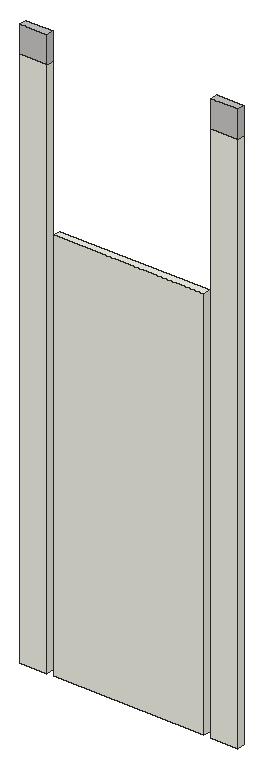
Revit family
Parameters (values of type "B-1548")
  Width Value = if(Inswing Visibility, Inswing Value, if(Outswing, Outswing Value, if(Panel, Panel Value, 36")))  # 22"
  URL = "http://www.bobrick.com"
  Right Stile Visible = yes
  Right Stile Value = if(Right Stile Width < 3", 3", if(Right Stile Width > 24", 24", Right Stile Width))  # 4"
  Partition Material = Laminated Plastic - Bobrick - Designer White
  Panel Value = if(DoorPanel Width < 1", 1", if(DoorPanel Width > 84", 84", DoorPanel Width))  # 1"
  Panel Height [instance] = if(Ceiling Height < 96", 84", if(Ceiling Height > 120", 108", (Ceiling Height - 12")))  # 84"
  Panel = not(Door Panel)  # no
  Outswing Value = if(DoorPanel Width < 25", 25", if(DoorPanel Width > 37", 37", DoorPanel Width))  # 25"
  Outswing = and(not(Inswing Visibility), Door Panel)  # no
  Model = "B1548 ClassicSeries Ceiling-Hung"
  Manufacturer = "Bobrick Washroom Equipment, Inc."
  Left Stile Visible = yes
  Left Stile Value = if(Left Stile Width < 3", 3", if(Left Stile Width > 24", 24", Left Stile Width))  # 4"
  Inswing Visibility = and(Inswing, Door Panel)  # yes
  Inswing Value = if(DoorPanel Width < 22", 22", if(DoorPanel Width > 37", 37", DoorPanel Width))  # 22"
  Inswing = yes
  DoorPanel Width = 1"
  Door Panel = yes
  Description = "Partitions and Screens with Laminated Plastic Surfaces and Edges"
  Right Stile Width = 4"
  Ceiling Height [instance] = 96"
  Assembly Code = "C1030200"
  Left Stile Width = 4"
Reference planes (in)
  plane 1 "Center (Front/Back)": y = 0
  plane 2 "Ceiling": z = 96
  plane 3 "Center (Left/Right)": x = 0
  plane 4: y = 0.5
  plane 5: y = -0.5
  plane 6: x = -16
  plane 7: x = -12
  plane 8: x = -11
  plane 9: x = 11
  plane 10: x = 12
  plane 11: x = 16
  plane 12: z = 92
  plane 13: z = 70
  plane 14: z = 12
  plane 15: z = 41
  plane 16: x = 10
  plane 17: y = 22.5
Forms (in)
  Extrusion 1, solid, material "Laminated Plastic - Bobrick - Designer White" <- "Partition Material", visible <- "Left Stile Visible"
    sketch origin (0, 0, 0) x (1, 0, 0) y (0, 1, 0)
      loop
        line (-16, 0.5) -> (-16, -0.5) -> (-12, -0.5) -> (-12, 0.5) -> (-16, 0.5)
    from 12 to 92
  Extrusion 2, solid, material "Laminated Plastic - Bobrick - Designer White" <- "Partition Material", visible <- "Right Stile Visible"
    sketch origin (0, 0, 0) x (1, 0, 0) y (0, 1, 0)
      loop
        line (12, 0.5) -> (12, -0.5) -> (16, -0.5) -> (16, 0.5) -> (12, 0.5)
    from 12 to 92
  Extrusion 3, solid, material "Laminated Plastic - Bobrick - Designer White" <- "Partition Material"
    sketch origin (0, 0, 0) x (1, 0, 0) y (0, 1, 0)
      loop
        line (-11, 0.5) -> (-11, -0.5) -> (11, -0.5) -> (11, 0.5) -> (-11, 0.5)
    from 12 to 70
  Extrusion 4, solid, material "Stainless Steel - Bobrick - Satin", visible <- "Left Stile Visible"
    sketch origin (0, 0, 0) x (1, 0, 0) y (0, 1, 0)
      loop
        line (-16, 0.5) -> (-16, -0.5) -> (-12, -0.5) -> (-12, 0.5) -> (-16, 0.5)
    from 92 to 96
  Extrusion 5, solid, material "Stainless Steel - Bobrick - Satin", visible <- "Right Stile Visible"
    sketch origin (0, 0, 0) x (1, 0, 0) y (0, 1, 0)
      loop
        line (12, 0.5) -> (12, -0.5) -> (16, -0.5) -> (16, 0.5) -> (12, 0.5)
    from 92 to 96
Lines and regions (in)
  Masking region 1, visible <- "Left Stile Visible"
    outline origin (0, 0, 0) x (1, 0, 0) y (0, 0, 1)
      loop
        line (-16, 12) -> (-12, 12) -> (-12, 96) -> (-16, 96) -> (-16, 12)
  Masking region 2, visible <- "Right Stile Visible"
    outline origin (0, 0, 0) x (1, 0, 0) y (0, 0, 1)
      loop
        line (12, 96) -> (12, 12) -> (16, 12) -> (16, 96) -> (12, 96)
  Masking region 3
    outline origin (0, 0, 0) x (1, 0, 0) y (0, 0, 1)
      loop
        line (-11, 70) -> (-11, 12) -> (11, 12) -> (11, 70) -> (-11, 70)
  Masking region 4
    outline origin (0, 0, 0) x (0, 1, 0) y (0, 0, 1)
      loop
        line (0.5, 96) -> (-0.5, 96) -> (-0.5, 12) -> (0.5, 12) -> (0.5, 96)
  Masking region 5, visible <- "Left Stile Visible"
    outline origin (0, 0, 0) x (1, 0, 0) y (0, 1, 0)
      loop
        line (-16, 0.5) -> (-16, -0.5) -> (-12, -0.5) -> (-12, 0.5) -> (-16, 0.5)
  Masking region 6, visible <- "Panel"
    outline origin (0, 0, 0) x (1, 0, 0) y (0, 1, 0)
      loop
        line (-11, 0.5) -> (-11, -0.5) -> (11, -0.5) -> (11, 0.5) -> (-11, 0.5)
  Masking region 7, visible <- "Right Stile Visible"
    outline origin (0, 0, 0) x (1, 0, 0) y (0, 1, 0)
      loop
        line (12, 0.5) -> (12, -0.5) -> (16, -0.5) -> (16, 0.5) -> (12, 0.5)
  symbolic lines, style "Partition Elevation Swing", visible <- "Door Panel"
    curve 1: line (-11, 0, 70) -> (11, 0, 41)
    curve 2: line (11, 0, 41) -> (-11, 0, 12)
  symbolic lines, style "Partition Plan Swing", visible <- "Door Panel"
    curve 3: line (10, 22.5, 0) -> (10, 0.5, 0)
    curve 4: line (10, 22.5, 0) -> (11, 22.5, 0)
    curve 5: line (11, 22.5, 0) -> (11, 0.5, 0)
    curve 6: line (10, 0.5, 0) -> (11, 0.5, 0)
    curve 7: arc (-11, 0.5, 0) -> (-4.55635, 16.05635, 0) -> (11, 22.5, 0) r 22
  symbolic lines, style "Partition", visible <- "Left Stile Visible"
    curve 8: line (-16, 0, 92) -> (-12, 0, 92)
  symbolic lines, style "Partition", visible <- "Right Stile Visible"
    curve 9: line (12, 0, 92) -> (16, 0, 92)
Dimensions and locks (in)
  equal spacing: host sketch curve, plane 3 "Center (Left/Right)", host sketch curve
  equal spacing: host sketch curve, plane 1 "Center (Front/Back)", host sketch curve
  host sketch curve to host sketch curve = 120"  (x2)
  locked: plane 7 to plane 8 at 1
  locked: plane 9 to plane 10 at 1
  "Width Value": plane 8 to plane 9
  equal spacing: plane 8, plane 3 "Center (Left/Right)", plane 9
  "Right Stile Value": plane 10 to plane 11
  "Left Stile Value": plane 6 to plane 7
  equal spacing: plane 5, plane 1 "Center (Front/Back)", plane 4
  locked: plane 4 to plane 5 at 1
  locked: plane 2 "Ceiling" to plane 12 at 4
  locked: plane 13 to plane 14 at 58
  locked: plane 2 "Ceiling" to host ceiling
  "Panel Height": plane 2 "Ceiling" to plane 14
  equal spacing: plane 13, plane 15, plane 14
  "Width Value": plane 17 to plane 4
  locked: plane 16 to plane 9 at 1
  aligned and locked: Extrusion 1 sketch curve to plane 4
  aligned and locked: Extrusion 1 sketch curve to plane 7
  aligned and locked: plane 5 to Extrusion 1 sketch curve
  aligned and locked: plane 6 to Extrusion 1 sketch curve
  aligned and locked: Extrusion 2 sketch curve to plane 4
  aligned and locked: plane 10 to Extrusion 2 sketch curve
  aligned and locked: plane 5 to Extrusion 2 sketch curve
  aligned and locked: Extrusion 2 sketch curve to plane 11
  aligned and locked: Extrusion 3 sketch curve to plane 4
  aligned and locked: plane 8 to Extrusion 3 sketch curve
  aligned and locked: plane 5 to Extrusion 3 sketch curve
  aligned and locked: Extrusion 3 sketch curve to plane 9
  aligned: plane 2 "Ceiling" to Extrusion 1
  aligned and locked: plane 13 to Extrusion 3
  aligned: plane 2 "Ceiling" to Extrusion 2
  aligned and locked: Extrusion 2 to plane 14
  aligned and locked: Extrusion 3 to plane 14
  aligned and locked: Extrusion 1 to plane 14
  aligned and locked: plane 12 to Extrusion 1
  aligned and locked: plane 12 to Extrusion 2
  aligned and locked: Extrusion 4 sketch curve to plane 7
  aligned and locked: plane 6 to Extrusion 4 sketch curve
  aligned and locked: Extrusion 4 sketch curve to plane 4
  aligned and locked: plane 5 to Extrusion 4 sketch curve
  aligned and locked: plane 2 "Ceiling" to Extrusion 4
  aligned and locked: Extrusion 4 to plane 12
  aligned and locked: curve 3 to plane 16
  aligned and locked: curve 4 to plane 17
  aligned and locked: Extrusion 3 to curve 7
  aligned and locked: plane 9 to curve 7
  aligned and locked: plane 4 to curve 7
  aligned and locked: Extrusion 5 to plane 10
  aligned and locked: plane 11 to Extrusion 5
  aligned and locked: Extrusion 5 to plane 12
  aligned and locked: plane 2 "Ceiling" to Extrusion 5
  aligned and locked: Masking region 1 sketch curve to plane 6
  aligned and locked: Masking region 1 sketch curve to plane 14
  aligned and locked: plane 7 to Masking region 1 sketch curve
  aligned and locked: plane 2 "Ceiling" to Masking region 1 sketch curve
  aligned and locked: curve 8 to plane 12
  aligned and locked: plane 7 to curve 8
  aligned and locked: plane 6 to curve 8
  aligned and locked: plane 14 to Masking region 2 sketch curve
  aligned and locked: Masking region 2 sketch curve to plane 11
  aligned and locked: plane 10 to Masking region 2 sketch curve
  aligned and locked: Masking region 2 sketch curve to plane 2 "Ceiling"
  aligned and locked: curve 9 to plane 12
  aligned and locked: plane 10 to curve 9
  aligned and locked: plane 11 to curve 9
  aligned and locked: Masking region 3 sketch curve to plane 9
  aligned and locked: plane 8 to Masking region 3 sketch curve
  aligned and locked: Masking region 3 sketch curve to plane 13
  aligned and locked: plane 14 to Masking region 3 sketch curve
  aligned and locked: plane 14 to Masking region 4 sketch curve
  aligned and locked: Masking region 4 sketch curve to plane 2 "Ceiling"
  aligned and locked: Masking region 4 sketch curve to plane 4
  aligned and locked: Masking region 4 sketch curve to plane 5
  aligned and locked: plane 11 to Masking region 7
  aligned and locked: plane 4 to Masking region 7
  aligned and locked: Masking region 7 to plane 10
  aligned and locked: Masking region 7 to plane 5
  aligned and locked: plane 9 to Masking region 6
  aligned and locked: Masking region 6 to plane 8
  aligned and locked: plane 4 to Masking region 6
  aligned and locked: Masking region 6 to plane 5
  aligned and locked: plane 7 to Masking region 5
  aligned and locked: Masking region 5 to plane 6
  aligned and locked: plane 4 to Masking region 5
  aligned and locked: Masking region 5 to plane 5
  aligned and locked: Extrusion 5 to plane 4
  aligned and locked: Extrusion 5 to plane 5
Automatic sketch dimensions
  curve 2 to plane 8 = 0"
  curve 1 to plane 8 = 0"
  curve 2 to plane 9 = 0"
  curve 2 to plane 14 = 0"
  curve 1 to plane 15 = 0"
  curve 1 to plane 13 = 0"
  curve 5 to plane 4 = 0"
  plane 4 to Extrusion 5 sketch curve = 0"
  Extrusion 5 sketch curve to plane 10 = 0"
  plane 11 to Extrusion 5 sketch curve = 0"
  Extrusion 5 sketch curve to plane 5 = 0"
  Masking region 5 sketch curve to plane 6 = 0"
  Masking region 5 sketch curve to plane 5 = 0"
  Masking region 5 sketch curve to plane 7 = 0"
  plane 4 to Masking region 5 sketch curve = 0"
  plane 7 to Masking region 6 sketch curve = 1"
  plane 3 "Center (Left/Right)" to Masking region 6 sketch curve = 11"
  Masking region 6 sketch curve to plane 5 = 0"
  plane 4 to Masking region 6 sketch curve = 0"
  plane 16 to Masking region 7 sketch curve = 2"
  Masking region 7 sketch curve to plane 5 = 0"
  plane 10 to Masking region 7 sketch curve = 4"
  plane 4 to Masking region 7 sketch curve = 0"
